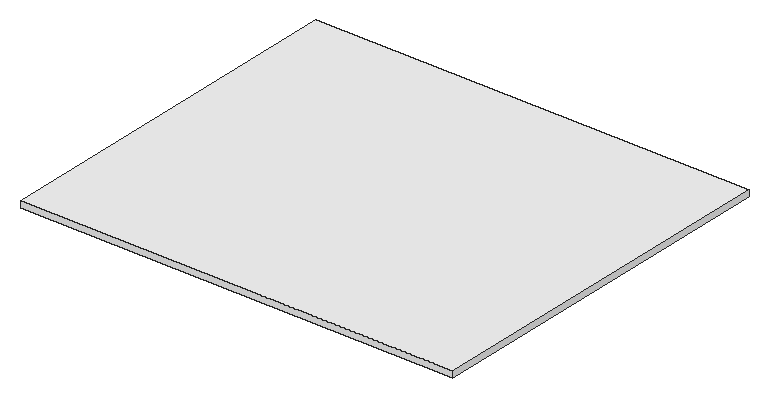
Revit family "ROTHOB_Rothoblaas_Membrane_ClimaControl80", category Structural Connections, host Face, Revit 2020
Family settings
  Host = Face
  Material for Model Behavior = Other
  OmniClass Number = 23.13.25.25
  OmniClass Title = Air Barriers
  Enable cutting in views = Yes
  Cut with Voids When Loaded = No
  Shared = No
Parameters (values of type "WIDTHxHEIGHTmm")
  VariableWaterVapourTransmition_Sd = "0,15/5 m"  # constant formula
  WarrantyStartDate [instance] = ""
  WarrantyGuarantorParts = "n/a"  # constant formula
  WarrantyGuarantorLabor = "n/a"  # constant formula
  WarrantyDurationUnit = "n/a"  # constant formula
  WarrantyDurationParts = "n/a"  # constant formula
  WarrantyDurationLabor = "n/a"  # constant formula
  WarrantyDescription = "n/a"  # constant formula
  Version = "1"  # constant formula
  UniClass2015Version = "n/a"  # constant formula
  UniClass2015Title = "n/a"  # constant formula
  UniClass2015Code = "n/a"  # constant formula
  Tipo IFC predefinito = "USERDEFINED"  # constant formula
  SustainabilityPerformance = "n/a"  # constant formula
  Size = "n/a"  # constant formula
  Shape = "Bidimensional"  # constant formula
  Revision = "n/a"  # constant formula
  ReplacementCost = "n/a"  # constant formula
  ReactionFire = "class E"  # constant formula
  ObjectMaterial = ROTHOB_Rothoblaas_Polyamide_Polypropylene
  NominalWidth = "n/a"  # constant formula
  NominalHeight = "n/a"  # constant formula
  MassUnitArea = "80 g/m2"  # constant formula
  Default Elevation = 1.2192 m
  ProductInformation = "https://www.rothoblaas.com/products/airtightness-and-waterproofing/membranes/clima-control/clima-control-80#CLIMA%20CONTROL%2080"  # constant formula
  OmniClassVersion = "2012-05-16"  # constant formula
  OmniClassTitle = "Air Barriers"  # constant formula
  OmniClassCode = "23.13.25.25"  # constant formula
  NominalLength = "n/a"  # constant formula
  InstallationDate [instance] = ""
  Height_H [instance] = 0.058558 m
  Name = "Membrane"  # constant formula
  ModelReference = "n/a"  # constant formula
  ModelNumber = "n/a"  # constant formula
  ModelDisclaimer = "The latest version of the data sheets can be found on our website"  # constant formula
  Material = "Polyamide and polypropylene"  # constant formula
  ManufacturerURL = "www.rothoblaas.com"  # constant formula
  ManufacturerName = "ROTHO BLAAS SRL"  # constant formula
  Manufacturer = "info@rothoblaas.com"  # constant formula
  IfcExportType = "USERDEFINED"  # constant formula
  IfcExportAs = "IfcBuildingElementProxyType"  # constant formula
  PassiveHouseTitle = "Surface Air Sealing"  # constant formula
  PassiveHouseCode = "1457as00"  # constant formula
  Length_L [instance] = 0.068735 m
  Grade = "n/a"  # constant formula
  Finish = "Polyamide"  # constant formula
  Features = "Flexible sheets for waterproofing - Plastic and rubber vapour control layers"  # constant formula
  ExpectedLife = "n/a"  # constant formula
  Esporta tipo in formato IFC con nome = "IfcBuildingElementProxyType"  # constant formula
  DurationUnit = "Years"  # constant formula
  Description = "Membrane with variable vapour diffusion"  # constant formula
  Constituents = "n/a"  # constant formula
  Color = "Translucent"  # constant formula
  CodePerformance = "CE - Construction products"  # constant formula
  Category = "n/a"  # constant formula
  CETitle = "n/a"  # constant formula
  CECode = "EN 13984"  # constant formula
  BIMObjectName = "ROTHOB_Rothoblaas_Membrane_ClimaControl80"  # constant formula
  EPDTitle = "n/a"  # constant formula
  EPDCode = "2021M20141"  # constant formula
  Author = "Vitor Ferronato"  # constant formula
  AssetType = "n/a"  # constant formula
  AccessibilityPerformance = "n/a"  # constant formula
Reference planes (m)
  plane 1 "Centro (Fronte/Retro)": y = 0
  plane 2: z = 0
  plane 3 "Centro (Sinistra/Destra)": x = 0
  plane 4: y = 0.029279
  plane 5: y = -0.029279
  plane 6: x = -0.034368
  plane 7: x = 0.034368
Forms (m)
  Extrusion 1, solid, material "ROTHOB_Rothoblaas_Polyamide_Polypropylene" <- "ObjectMaterial"
    sketch origin (0, 0, 0) x (1, 0, 0) y (0, 1, 0)
      loop
        line (-0.034368, 0.029279) -> (-0.034368, -0.029279) -> (0.034368, -0.029279) -> (0.034368, 0.029279) -> (-0.034368, 0.029279)
    from 0 to 0.001
Dimensions and locks (m)
  equal spacing: host sketch curve, plane 3 "Centro (Sinistra/Destra)", host sketch curve
  host sketch curve to host sketch curve = 0.073033 m
  equal spacing: host sketch curve, plane 1 "Centro (Fronte/Retro)", host sketch curve
  host sketch curve to host sketch curve = 0.06306 m
  equal spacing: plane 6, plane 3 "Centro (Sinistra/Destra)", plane 7
  "Length_L": plane 6 to plane 7
  equal spacing: plane 4, plane 1 "Centro (Fronte/Retro)", plane 5
  "Height_H": plane 4 to plane 5
  aligned and locked: plane 2 to host face
  aligned and locked: level to host face
  aligned and locked: Extrusion 1 sketch curve to plane 4
  aligned and locked: Extrusion 1 sketch curve to plane 5
  aligned and locked: plane 6 to Extrusion 1 sketch curve
  aligned and locked: plane 7 to Extrusion 1 sketch curve
